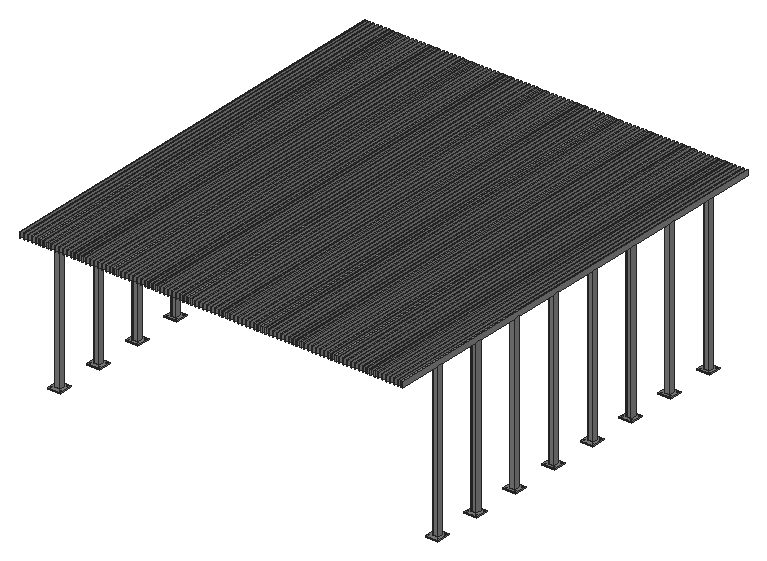
Revit family "Sun-Shades_ARUNA_PalmSHIELD", category Generic Models, Revit 2026
Family settings
  Can host rebar = No
  Round Connector Dimension = Use Diameter
  Part Type = Normal
  Work Plane-Based = No
  Always vertical = Yes
  Cut with Voids When Loaded = No
  Maintain Annotation Orientation = No
  Shared = No
  Room Calculation Point = No
Parameters (values of type "ALUMINUM PURLINS 1" x 4"")
  Purlin offset from column = Purlin Width / 2  # 0' - 0 1/2"
  Width [instance] = 24' - 10"
  Underhanging Purlins [instance] = not(Overhanging purlins)  # no
  URL = "https://palmshieldlouvers.com/"
  Specification = "https://www.arcat.com/company/palmshield-53925/spec"
  Purlin Width = 0' - 1"
  Purlins Spacing Desired [instance] = 0' - 2"
  Purlin Spacing Calculated Underhanging [instance] = ((Width - 0' 8") - (Purlin Width * No. of Underhanging Purlins)) / (No. of Underhanging Purlins - 1)  # 0' - 2.01042"
  Purlins Spacing Calculated [instance] = (Width - (Purlin Width * No. of Purlins)) / (No. of Purlins - 1)  # 0' - 2.03061"
  Purlin Height = 0' - 4"
  Product Page URL = "https://www.arcat.com/company/palmshield-53925"
  Overhanging purlins [instance] = yes
  No. of Underhanging Purlins [instance] = ((Width - 0' 8") / (Purlin Width + Purlins Spacing Desired))  # 97
  No. of Purlins [instance] = (Width / (Purlin Width + Purlins Spacing Desired))  # 99
  No. of Column [instance] = (Length / 3' 8")  # 8
  Material [instance] = PalmSHIELD - Gray
  Manufacturer = "PalmSHIELD"  # constant formula
  Length [instance] = 28' - 0"
  Keynote = "06 87 00"
  Height [instance] = 10' - 0"
  Finish = "PalmSHIELD - Aluminum"
  Default Elevation = 0' - 0"
  Copyright = "©ARCAT"  # constant formula
  Center to Center Underhanging [instance] = Purlin Width + Purlin Spacing Calculated Underhanging  # 0' - 3.01042"
  Center to Center [instance] = Purlin Width + Purlins Spacing Calculated  # 0' - 3.03061"
  Column Width [instance] = (Width - 0' 8")  # 24' - 2"
  CAD Details = "https://www.arcat.com/company/palmshield-53925/cad"
Types (14): name | Purlin offset from column | Width | Purlin Width | Purlin Spacing Calculated Underhanging | Purlins Spacing Calculated | Purlin Height | No. of Underhanging Purlins | No. of Purlins | No. of Column | Material | Length | Finish | Center to Center Underhanging | Center to Center | Column Width
  ALUMINUM PURLINS 2" x 3" | 0' - 1" | 24' - 10" | 0' - 2" | 0' - 2" | 0' - 2" | 0' - 3" | 73 | 75 | 8 | PalmSHIELD - Alloy | 28' - 0" | "PalmSHIELD - Aluminum" | 0' - 4" | 0' - 4" | 24' - 2"
  ALUMINUM PURLINS 1" x 3" | 0' - 0 1/2" | 23' - 1" | 0' - 1" | 0' - 2.01124" | 0' - 2.03297" | 0' - 3" | 90 | 92 | 8 | PalmSHIELD - Black | 30' - 0" | "PalmSHIELD - Aluminum" | 0' - 3.01124" | 0' - 3.03297" | 22' - 5"
  ALUMINUM PURLINS 1" x 4" | 0' - 0 1/2" | 24' - 10" | 0' - 1" | 0' - 2.01042" | 0' - 2.03061" | 0' - 4" | 97 | 99 | 8 | PalmSHIELD - Gray | 28' - 0" | "PalmSHIELD - Aluminum" | 0' - 3.01042" | 0' - 3.03061" | 24' - 2"
  ALUMINUM PURLINS 2" x 2" | 0' - 1" | 31' - 10" | 0' - 2" | 0' - 2" | 0' - 2" | 0' - 2" | 94 | 96 | 8 | PalmSHIELD - Alloy | 28' - 0" | "PalmSHIELD - Aluminum" | 0' - 4" | 0' - 4" | 31' - 2"
  ALUMINUM PURLINS 3" x 3" | 0' - 1 1/2" | 24' - 10" | 0' - 3" | 0' - 2.03509" | 0' - 2" | 0' - 3" | 58 | 60 | 8 | PalmSHIELD - Alloy | 28' - 0" | "PalmSHIELD - Aluminum" | 0' - 5.03509" | 0' - 5" | 24' - 2"
  ALUMINUM PURLINS 2" x 4" | 0' - 1" | 24' - 10" | 0' - 2" | 0' - 2" | 0' - 2" | 0' - 4" | 73 | 75 | 8 | PalmSHIELD - Alloy | 28' - 0" | "PalmSHIELD - Aluminum" | 0' - 4" | 0' - 4" | 24' - 2"
  ALUMINUM PURLINS 2" x 5" | 0' - 1" | 24' - 10" | 0' - 2" | 0' - 2" | 0' - 2" | 0' - 5" | 73 | 75 | 7 | PalmSHIELD - Alloy | 25' - 0" | "PalmSHIELD - Aluminum" | 0' - 4" | 0' - 4" | 24' - 2"
  ALUMINUM PURLINS 2" x 6" | 0' - 1" | 24' - 10" | 0' - 2" | 0' - 2" | 0' - 2" | 0' - 6" | 73 | 75 | 8 | PalmSHIELD - Alloy | 28' - 0" | "PalmSHIELD - Aluminum" | 0' - 4" | 0' - 4" | 24' - 2"
  ALUMINUM PURLINS 2" x 8" | 0' - 1" | 24' - 10" | 0' - 2" | 0' - 2" | 0' - 2" | 0' - 8" | 73 | 75 | 8 | PalmSHIELD - Alloy | 31' - 0" | "PalmSHIELD - Aluminum" | 0' - 4" | 0' - 4" | 24' - 2"
  Wood Finished 2" x 4" | 0' - 1" | 24' - 10" | 0' - 2" | 0' - 2" | 0' - 2" | 0' - 4" | 73 | 75 | 8 | PalmSHIELD - Alloy | 28' - 0" | "PalmSHIELD - Wood" | 0' - 4" | 0' - 4" | 24' - 2"
  Wood Finished 2" x 6" | 0' - 1" | 24' - 10" | 0' - 2" | 0' - 2" | 0' - 2" | 0' - 6" | 73 | 75 | 8 | PalmSHIELD - Alloy | 28' - 0" | "PalmSHIELD - Wood" | 0' - 4" | 0' - 4" | 24' - 2"
  Wood Finished 2" x 8" | 0' - 1" | 24' - 10" | 0' - 2" | 0' - 2" | 0' - 2" | 0' - 8" | 73 | 75 | 8 | PalmSHIELD - Alloy | 28' - 0" | "PalmSHIELD - Wood" | 0' - 4" | 0' - 4" | 24' - 2"
  Wood Finished 2" x 10" | 0' - 1" | 25' - 10" | 0' - 2" | 0' - 2" | 0' - 2" | 0' - 10" | 76 | 78 | 8 | PalmSHIELD - Alloy | 28' - 0" | "PalmSHIELD - Wood" | 0' - 4" | 0' - 4" | 25' - 2"
  Wood Finished 4" x 4" | 0' - 2" | 24' - 10" | 0' - 4" | 0' - 2.08511" | 0' - 2" | 0' - 4" | 48 | 50 | 8 | PalmSHIELD - Alloy | 28' - 0" | "PalmSHIELD - Wood" | 0' - 6.08511" | 0' - 6" | 24' - 2"
Reference planes (in)
  plane 1 "Center (Front/Back)": y = 0
  plane 2: z = 0
  plane 3 "Center (Left/Right)": x = 59
  plane 4: x = -88
  plane 5: x = 206
  plane 6: x = -90
  plane 7: x = 208
  plane 8: y = 300
  plane 9: x = -86
  plane 10: x = 246
  plane 11: y = -36
  plane 12: z = 120
  plane 13: x = 207
  plane 14: x = -89.5
  plane 15: x = -86.46939
  plane 16: z = 116
  plane 17: x = -85.5
  plane 18: x = -82.48958
  plane 19: y = 264
  plane 20: y = 132
Dimensions and locks (in)
  "Width": plane 6 to plane 7
  locked: plane 6 to plane 4 at 2
  locked: plane 5 to plane 7 at 2
  "Length": plane 8 to plane 11
  "Height": plane 12 to level
  locked: plane 11 to plane 1 "Center (Front/Back)" at 36
  locked: plane 13 to plane 7 at 1
  equal spacing: group 1, group 2, group 3, group 4, group 5, group 6, group 7, group 8, group 9, group 10, group 11, group 12, group 13, group 14, group 15, group 16, group 17, group 18, group 19, group 20, group 21, group 22, group 23, group 24, group 25, group 26, group 27, group 28, group 29, group 30, group 31, group 32, group 33, group 34, group 35, group 36, group 37, group 38, group 39, group 40, group 41, group 42, group 43, group 44, group 45, group 46, group 47, group 48, group 49, group 50, group 107, group 108, group 109, group 110, group 111, group 112, group 113, group 114, group 115, group 116, group 117, group 118, group 119, group 120, group 121, group 122, group 123, group 124, group 125, group 146, group 147, group 148, group 149, group 150, group 151, group 157, group 158, group 159, group 160, group 161, group 162, group 163, group 164, group 165, group 166, group 167, group 168, group 169, group 170, group 171, group 172, group 173, group 191, group 192, group 193, group 194, group 195, group 196, group 197  (x3)
  "Center to Center": plane 14 to plane 15
  equal spacing: group 51, group 52, group 53, group 54, group 55, group 56, group 57, group 58, group 59, group 60, group 61, group 62, group 63, group 64, group 65, group 66, group 67, group 68, group 69, group 70, group 71, group 72, group 73, group 74, group 75, group 76, group 77, group 78, group 79, group 80, group 81, group 82, group 83, group 84, group 85, group 86, group 87, group 88, group 89, group 90, group 91, group 92, group 93, group 94, group 95, group 96, group 97, group 98, group 126, group 127, group 128, group 129, group 130, group 131, group 132, group 133, group 134, group 135, group 136, group 137, group 138, group 139, group 140, group 141, group 142, group 143, group 144, group 145, group 152, group 153, group 154, group 155, group 156, group 174, group 175, group 176, group 177, group 178, group 179, group 180, group 181, group 182, group 183, group 184, group 185, group 186, group 187, group 188, group 189, group 190, group 198, group 199, group 200, group 201, group 202, group 203, group 204  (x3)
  plane 10 to plane 9 = 27' - 8"
  locked: plane 12 to plane 16 at 4
  nested 1 to nested 3 = 0' - 2.03061"
  "Purlin offset from column": plane 6 to plane 14
  "Center to Center Underhanging": plane 17 to plane 18
  "Purlin offset from column": plane 9 to plane 17
  locked: plane 8 to plane 19 at 36
  equal spacing: group 100, group 106, group 105, group 104, group 103, group 102, group 101, group 99
  equal spacing: group 99, group 101, group 102, group 103, group 104, group 105, group 106, group 100  (x2)
  equal spacing: plane 8, plane 20, plane 11
  equal spacing: plane 6, plane 3 "Center (Left/Right)", plane 7
  locked: plane 4 to plane 9 at 2
  aligned and locked: level to plane 2
  aligned and locked: nested 1 to plane 6
  aligned and locked: nested 2 to plane 1 "Center (Front/Back)"
  aligned and locked: plane 2 to nested 2
  aligned and locked: nested 1 to plane 11
  aligned and locked: plane 4 to nested 2
  aligned and locked: plane 8 to nested 3
  aligned and locked: nested 1 to plane 12
  aligned and locked: nested 3 to plane 12
  aligned and locked: nested 3 to plane 15
  aligned and locked: plane 16 to nested 52
  aligned and locked: plane 16 to nested 53
  aligned and locked: nested 52 to plane 11
  aligned and locked: nested 53 to plane 11
  aligned and locked: nested 53 to plane 18
  aligned and locked: nested 52 to plane 17
  aligned and locked: plane 19 to nested 100
  aligned and locked: plane 4 to nested 100
Nested families (in)
  nested 1: "ALUMINUM RECT TUBE PURLIN" at (-89.5, 132, 119.875), visible <- "Overhanging purlins", type "ALUMINUM RECT TUBE PURLIN"
  nested 2: "ALUMINUM SQ TUBE 4 X 4 X 0.25 BEAM 6063-T52" at (59, 0, -0.125) x (0, 1, 0) z (0, 0, 1), type "ALUMINUM SQ TUBE 4 X 4 X 0.25 BEAM 6063-T52"
  nested 3: "ALUMINUM RECT TUBE PURLIN" at (-86.46939, 132, 119.875), visible <- "Overhanging purlins", type "ALUMINUM RECT TUBE PURLIN"
  nested 4: "ALUMINUM RECT TUBE PURLIN" at (-83.43878, 132, 119.875), visible <- "Overhanging purlins", type "ALUMINUM RECT TUBE PURLIN"
  nested 5: "ALUMINUM RECT TUBE PURLIN" at (-80.40816, 132, 119.875), visible <- "Overhanging purlins", type "ALUMINUM RECT TUBE PURLIN"
  nested 6: "ALUMINUM RECT TUBE PURLIN" at (-77.37755, 132, 119.875), visible <- "Overhanging purlins", type "ALUMINUM RECT TUBE PURLIN"
  nested 7: "ALUMINUM RECT TUBE PURLIN" at (-74.34694, 132, 119.875), visible <- "Overhanging purlins", type "ALUMINUM RECT TUBE PURLIN"
  nested 8: "ALUMINUM RECT TUBE PURLIN" at (-71.31633, 132, 119.875), visible <- "Overhanging purlins", type "ALUMINUM RECT TUBE PURLIN"
  nested 9: "ALUMINUM RECT TUBE PURLIN" at (-68.28571, 132, 119.875), visible <- "Overhanging purlins", type "ALUMINUM RECT TUBE PURLIN"
  nested 10: "ALUMINUM RECT TUBE PURLIN" at (-65.2551, 132, 119.875), visible <- "Overhanging purlins", type "ALUMINUM RECT TUBE PURLIN"
  nested 11: "ALUMINUM RECT TUBE PURLIN" at (-62.22449, 132, 119.875), visible <- "Overhanging purlins", type "ALUMINUM RECT TUBE PURLIN"
  nested 12: "ALUMINUM RECT TUBE PURLIN" at (-59.19388, 132, 119.875), visible <- "Overhanging purlins", type "ALUMINUM RECT TUBE PURLIN"
  nested 13: "ALUMINUM RECT TUBE PURLIN" at (-56.16327, 132, 119.875), visible <- "Overhanging purlins", type "ALUMINUM RECT TUBE PURLIN"
  nested 14: "ALUMINUM RECT TUBE PURLIN" at (-53.13265, 132, 119.875), visible <- "Overhanging purlins", type "ALUMINUM RECT TUBE PURLIN"
  nested 15: "ALUMINUM RECT TUBE PURLIN" at (-50.10204, 132, 119.875), visible <- "Overhanging purlins", type "ALUMINUM RECT TUBE PURLIN"
  nested 16: "ALUMINUM RECT TUBE PURLIN" at (-47.07143, 132, 119.875), visible <- "Overhanging purlins", type "ALUMINUM RECT TUBE PURLIN"
  nested 17: "ALUMINUM RECT TUBE PURLIN" at (-44.04082, 132, 119.875), visible <- "Overhanging purlins", type "ALUMINUM RECT TUBE PURLIN"
  nested 18: "ALUMINUM RECT TUBE PURLIN" at (-41.0102, 132, 119.875), visible <- "Overhanging purlins", type "ALUMINUM RECT TUBE PURLIN"
  nested 19: "ALUMINUM RECT TUBE PURLIN" at (-37.97959, 132, 119.875), visible <- "Overhanging purlins", type "ALUMINUM RECT TUBE PURLIN"
  nested 20: "ALUMINUM RECT TUBE PURLIN" at (-34.94898, 132, 119.875), visible <- "Overhanging purlins", type "ALUMINUM RECT TUBE PURLIN"
  nested 21: "ALUMINUM RECT TUBE PURLIN" at (-31.91837, 132, 119.875), visible <- "Overhanging purlins", type "ALUMINUM RECT TUBE PURLIN"
  nested 22: "ALUMINUM RECT TUBE PURLIN" at (-28.88776, 132, 119.875), visible <- "Overhanging purlins", type "ALUMINUM RECT TUBE PURLIN"
  nested 23: "ALUMINUM RECT TUBE PURLIN" at (-25.85714, 132, 119.875), visible <- "Overhanging purlins", type "ALUMINUM RECT TUBE PURLIN"
  nested 24: "ALUMINUM RECT TUBE PURLIN" at (-22.82653, 132, 119.875), visible <- "Overhanging purlins", type "ALUMINUM RECT TUBE PURLIN"
  nested 25: "ALUMINUM RECT TUBE PURLIN" at (-19.79592, 132, 119.875), visible <- "Overhanging purlins", type "ALUMINUM RECT TUBE PURLIN"
  nested 26: "ALUMINUM RECT TUBE PURLIN" at (-16.76531, 132, 119.875), visible <- "Overhanging purlins", type "ALUMINUM RECT TUBE PURLIN"
  nested 27: "ALUMINUM RECT TUBE PURLIN" at (-13.73469, 132, 119.875), visible <- "Overhanging purlins", type "ALUMINUM RECT TUBE PURLIN"
  nested 28: "ALUMINUM RECT TUBE PURLIN" at (-10.70408, 132, 119.875), visible <- "Overhanging purlins", type "ALUMINUM RECT TUBE PURLIN"
  nested 29: "ALUMINUM RECT TUBE PURLIN" at (-7.67347, 132, 119.875), visible <- "Overhanging purlins", type "ALUMINUM RECT TUBE PURLIN"
  nested 30: "ALUMINUM RECT TUBE PURLIN" at (-4.64286, 132, 119.875), visible <- "Overhanging purlins", type "ALUMINUM RECT TUBE PURLIN"
  nested 31: "ALUMINUM RECT TUBE PURLIN" at (-1.61224, 132, 119.875), visible <- "Overhanging purlins", type "ALUMINUM RECT TUBE PURLIN"
  nested 32: "ALUMINUM RECT TUBE PURLIN" at (1.41837, 132, 119.875), visible <- "Overhanging purlins", type "ALUMINUM RECT TUBE PURLIN"
  nested 33: "ALUMINUM RECT TUBE PURLIN" at (4.44898, 132, 119.875), visible <- "Overhanging purlins", type "ALUMINUM RECT TUBE PURLIN"
  nested 34: "ALUMINUM RECT TUBE PURLIN" at (7.47959, 132, 119.875), visible <- "Overhanging purlins", type "ALUMINUM RECT TUBE PURLIN"
  nested 35: "ALUMINUM RECT TUBE PURLIN" at (10.5102, 132, 119.875), visible <- "Overhanging purlins", type "ALUMINUM RECT TUBE PURLIN"
  nested 36: "ALUMINUM RECT TUBE PURLIN" at (13.54082, 132, 119.875), visible <- "Overhanging purlins", type "ALUMINUM RECT TUBE PURLIN"
  nested 37: "ALUMINUM RECT TUBE PURLIN" at (16.57143, 132, 119.875), visible <- "Overhanging purlins", type "ALUMINUM RECT TUBE PURLIN"
  nested 38: "ALUMINUM RECT TUBE PURLIN" at (19.60204, 132, 119.875), visible <- "Overhanging purlins", type "ALUMINUM RECT TUBE PURLIN"
  nested 39: "ALUMINUM RECT TUBE PURLIN" at (22.63265, 132, 119.875), visible <- "Overhanging purlins", type "ALUMINUM RECT TUBE PURLIN"
  nested 40: "ALUMINUM RECT TUBE PURLIN" at (25.66327, 132, 119.875), visible <- "Overhanging purlins", type "ALUMINUM RECT TUBE PURLIN"
  nested 41: "ALUMINUM RECT TUBE PURLIN" at (28.69388, 132, 119.875), visible <- "Overhanging purlins", type "ALUMINUM RECT TUBE PURLIN"
  nested 42: "ALUMINUM RECT TUBE PURLIN" at (31.72449, 132, 119.875), visible <- "Overhanging purlins", type "ALUMINUM RECT TUBE PURLIN"
  nested 43: "ALUMINUM RECT TUBE PURLIN" at (34.7551, 132, 119.875), visible <- "Overhanging purlins", type "ALUMINUM RECT TUBE PURLIN"
  nested 44: "ALUMINUM RECT TUBE PURLIN" at (37.78571, 132, 119.875), visible <- "Overhanging purlins", type "ALUMINUM RECT TUBE PURLIN"
  nested 45: "ALUMINUM RECT TUBE PURLIN" at (40.81633, 132, 119.875), visible <- "Overhanging purlins", type "ALUMINUM RECT TUBE PURLIN"
  nested 46: "ALUMINUM RECT TUBE PURLIN" at (43.84694, 132, 119.875), visible <- "Overhanging purlins", type "ALUMINUM RECT TUBE PURLIN"
  nested 47: "ALUMINUM RECT TUBE PURLIN" at (46.87755, 132, 119.875), visible <- "Overhanging purlins", type "ALUMINUM RECT TUBE PURLIN"
  nested 48: "ALUMINUM RECT TUBE PURLIN" at (49.90816, 132, 119.875), visible <- "Overhanging purlins", type "ALUMINUM RECT TUBE PURLIN"
  nested 49: "ALUMINUM RECT TUBE PURLIN" at (52.93878, 132, 119.875), visible <- "Overhanging purlins", type "ALUMINUM RECT TUBE PURLIN"
  nested 50: "ALUMINUM RECT TUBE PURLIN" at (55.96939, 132, 119.875), visible <- "Overhanging purlins", type "ALUMINUM RECT TUBE PURLIN"
  nested 51: "ALUMINUM RECT TUBE PURLIN" at (59, 132, 119.875), visible <- "Overhanging purlins", type "ALUMINUM RECT TUBE PURLIN"
  nested 52: "ALUMINUM RECT TUBE PURLIN" at (-85.5, 132, 111.875), visible <- "Underhanging Purlins", type "ALUMINUM RECT TUBE PURLIN"
  nested 53: "ALUMINUM RECT TUBE PURLIN" at (-82.48958, 132, 111.875), visible <- "Underhanging Purlins", type "ALUMINUM RECT TUBE PURLIN"
  nested 54: "ALUMINUM RECT TUBE PURLIN" at (-79.47917, 132, 111.875), visible <- "Underhanging Purlins", type "ALUMINUM RECT TUBE PURLIN"
  nested 55: "ALUMINUM RECT TUBE PURLIN" at (-76.46875, 132, 111.875), visible <- "Underhanging Purlins", type "ALUMINUM RECT TUBE PURLIN"
  nested 56: "ALUMINUM RECT TUBE PURLIN" at (-73.45833, 132, 111.875), visible <- "Underhanging Purlins", type "ALUMINUM RECT TUBE PURLIN"
  nested 57: "ALUMINUM RECT TUBE PURLIN" at (-70.44792, 132, 111.875), visible <- "Underhanging Purlins", type "ALUMINUM RECT TUBE PURLIN"
  nested 58: "ALUMINUM RECT TUBE PURLIN" at (-67.4375, 132, 111.875), visible <- "Underhanging Purlins", type "ALUMINUM RECT TUBE PURLIN"
  nested 59: "ALUMINUM RECT TUBE PURLIN" at (-64.42708, 132, 111.875), visible <- "Underhanging Purlins", type "ALUMINUM RECT TUBE PURLIN"
  nested 60: "ALUMINUM RECT TUBE PURLIN" at (-61.41667, 132, 111.875), visible <- "Underhanging Purlins", type "ALUMINUM RECT TUBE PURLIN"
  nested 61: "ALUMINUM RECT TUBE PURLIN" at (-58.40625, 132, 111.875), visible <- "Underhanging Purlins", type "ALUMINUM RECT TUBE PURLIN"
  nested 62: "ALUMINUM RECT TUBE PURLIN" at (-55.39583, 132, 111.875), visible <- "Underhanging Purlins", type "ALUMINUM RECT TUBE PURLIN"
  nested 63: "ALUMINUM RECT TUBE PURLIN" at (-52.38542, 132, 111.875), visible <- "Underhanging Purlins", type "ALUMINUM RECT TUBE PURLIN"
  nested 64: "ALUMINUM RECT TUBE PURLIN" at (-49.375, 132, 111.875), visible <- "Underhanging Purlins", type "ALUMINUM RECT TUBE PURLIN"
  nested 65: "ALUMINUM RECT TUBE PURLIN" at (-46.36458, 132, 111.875), visible <- "Underhanging Purlins", type "ALUMINUM RECT TUBE PURLIN"
  nested 66: "ALUMINUM RECT TUBE PURLIN" at (-43.35417, 132, 111.875), visible <- "Underhanging Purlins", type "ALUMINUM RECT TUBE PURLIN"
  nested 67: "ALUMINUM RECT TUBE PURLIN" at (-40.34375, 132, 111.875), visible <- "Underhanging Purlins", type "ALUMINUM RECT TUBE PURLIN"
  nested 68: "ALUMINUM RECT TUBE PURLIN" at (-37.33333, 132, 111.875), visible <- "Underhanging Purlins", type "ALUMINUM RECT TUBE PURLIN"
  nested 69: "ALUMINUM RECT TUBE PURLIN" at (-34.32292, 132, 111.875), visible <- "Underhanging Purlins", type "ALUMINUM RECT TUBE PURLIN"
  nested 70: "ALUMINUM RECT TUBE PURLIN" at (-31.3125, 132, 111.875), visible <- "Underhanging Purlins", type "ALUMINUM RECT TUBE PURLIN"
  nested 71: "ALUMINUM RECT TUBE PURLIN" at (-28.30208, 132, 111.875), visible <- "Underhanging Purlins", type "ALUMINUM RECT TUBE PURLIN"
  nested 72: "ALUMINUM RECT TUBE PURLIN" at (-25.29167, 132, 111.875), visible <- "Underhanging Purlins", type "ALUMINUM RECT TUBE PURLIN"
  nested 73: "ALUMINUM RECT TUBE PURLIN" at (-22.28125, 132, 111.875), visible <- "Underhanging Purlins", type "ALUMINUM RECT TUBE PURLIN"
  nested 74: "ALUMINUM RECT TUBE PURLIN" at (-19.27083, 132, 111.875), visible <- "Underhanging Purlins", type "ALUMINUM RECT TUBE PURLIN"
  nested 75: "ALUMINUM RECT TUBE PURLIN" at (-16.26042, 132, 111.875), visible <- "Underhanging Purlins", type "ALUMINUM RECT TUBE PURLIN"
  nested 76: "ALUMINUM RECT TUBE PURLIN" at (-13.25, 132, 111.875), visible <- "Underhanging Purlins", type "ALUMINUM RECT TUBE PURLIN"
  nested 77: "ALUMINUM RECT TUBE PURLIN" at (-10.23958, 132, 111.875), visible <- "Underhanging Purlins", type "ALUMINUM RECT TUBE PURLIN"
  nested 78: "ALUMINUM RECT TUBE PURLIN" at (-7.22917, 132, 111.875), visible <- "Underhanging Purlins", type "ALUMINUM RECT TUBE PURLIN"
  nested 79: "ALUMINUM RECT TUBE PURLIN" at (-4.21875, 132, 111.875), visible <- "Underhanging Purlins", type "ALUMINUM RECT TUBE PURLIN"
  nested 80: "ALUMINUM RECT TUBE PURLIN" at (-1.20833, 132, 111.875), visible <- "Underhanging Purlins", type "ALUMINUM RECT TUBE PURLIN"
  nested 81: "ALUMINUM RECT TUBE PURLIN" at (1.80208, 132, 111.875), visible <- "Underhanging Purlins", type "ALUMINUM RECT TUBE PURLIN"
  nested 82: "ALUMINUM RECT TUBE PURLIN" at (4.8125, 132, 111.875), visible <- "Underhanging Purlins", type "ALUMINUM RECT TUBE PURLIN"
  nested 83: "ALUMINUM RECT TUBE PURLIN" at (7.82292, 132, 111.875), visible <- "Underhanging Purlins", type "ALUMINUM RECT TUBE PURLIN"
  nested 84: "ALUMINUM RECT TUBE PURLIN" at (10.83333, 132, 111.875), visible <- "Underhanging Purlins", type "ALUMINUM RECT TUBE PURLIN"
  nested 85: "ALUMINUM RECT TUBE PURLIN" at (13.84375, 132, 111.875), visible <- "Underhanging Purlins", type "ALUMINUM RECT TUBE PURLIN"
  nested 86: "ALUMINUM RECT TUBE PURLIN" at (16.85417, 132, 111.875), visible <- "Underhanging Purlins", type "ALUMINUM RECT TUBE PURLIN"
  nested 87: "ALUMINUM RECT TUBE PURLIN" at (19.86458, 132, 111.875), visible <- "Underhanging Purlins", type "ALUMINUM RECT TUBE PURLIN"
  nested 88: "ALUMINUM RECT TUBE PURLIN" at (22.875, 132, 111.875), visible <- "Underhanging Purlins", type "ALUMINUM RECT TUBE PURLIN"
  nested 89: "ALUMINUM RECT TUBE PURLIN" at (25.88542, 132, 111.875), visible <- "Underhanging Purlins", type "ALUMINUM RECT TUBE PURLIN"
  nested 90: "ALUMINUM RECT TUBE PURLIN" at (28.89583, 132, 111.875), visible <- "Underhanging Purlins", type "ALUMINUM RECT TUBE PURLIN"
  nested 91: "ALUMINUM RECT TUBE PURLIN" at (31.90625, 132, 111.875), visible <- "Underhanging Purlins", type "ALUMINUM RECT TUBE PURLIN"
  nested 92: "ALUMINUM RECT TUBE PURLIN" at (34.91667, 132, 111.875), visible <- "Underhanging Purlins", type "ALUMINUM RECT TUBE PURLIN"
  nested 93: "ALUMINUM RECT TUBE PURLIN" at (37.92708, 132, 111.875), visible <- "Underhanging Purlins", type "ALUMINUM RECT TUBE PURLIN"
  nested 94: "ALUMINUM RECT TUBE PURLIN" at (40.9375, 132, 111.875), visible <- "Underhanging Purlins", type "ALUMINUM RECT TUBE PURLIN"
  nested 95: "ALUMINUM RECT TUBE PURLIN" at (43.94792, 132, 111.875), visible <- "Underhanging Purlins", type "ALUMINUM RECT TUBE PURLIN"
  nested 96: "ALUMINUM RECT TUBE PURLIN" at (46.95833, 132, 111.875), visible <- "Underhanging Purlins", type "ALUMINUM RECT TUBE PURLIN"
  nested 97: "ALUMINUM RECT TUBE PURLIN" at (49.96875, 132, 111.875), visible <- "Underhanging Purlins", type "ALUMINUM RECT TUBE PURLIN"
  nested 98: "ALUMINUM RECT TUBE PURLIN" at (52.97917, 132, 111.875), visible <- "Underhanging Purlins", type "ALUMINUM RECT TUBE PURLIN"
  nested 99: "ALUMINUM RECT TUBE PURLIN" at (55.98958, 132, 111.875), visible <- "Underhanging Purlins", type "ALUMINUM RECT TUBE PURLIN"
  nested 100: "ALUMINUM SQ TUBE 4 X 4 X 0.25 BEAM 6063-T52" at (59, 264, -0.125) x (0, 1, 0) z (0, 0, 1), type "ALUMINUM SQ TUBE 4 X 4 X 0.25 BEAM 6063-T52"
  nested 101: "ALUMINUM SQ TUBE 4 X 4 X 0.25 BEAM 6063-T52" at (59, 37.71429, -0.125) x (0, 1, 0) z (0, 0, 1), type "ALUMINUM SQ TUBE 4 X 4 X 0.25 BEAM 6063-T52"
  nested 102: "ALUMINUM SQ TUBE 4 X 4 X 0.25 BEAM 6063-T52" at (59, 75.42857, -0.125) x (0, 1, 0) z (0, 0, 1), type "ALUMINUM SQ TUBE 4 X 4 X 0.25 BEAM 6063-T52"
  nested 103: "ALUMINUM SQ TUBE 4 X 4 X 0.25 BEAM 6063-T52" at (59, 113.14286, -0.125) x (0, 1, 0) z (0, 0, 1), type "ALUMINUM SQ TUBE 4 X 4 X 0.25 BEAM 6063-T52"
  nested 104: "ALUMINUM SQ TUBE 4 X 4 X 0.25 BEAM 6063-T52" at (59, 150.85714, -0.125) x (0, 1, 0) z (0, 0, 1), type "ALUMINUM SQ TUBE 4 X 4 X 0.25 BEAM 6063-T52"
  nested 105: "ALUMINUM SQ TUBE 4 X 4 X 0.25 BEAM 6063-T52" at (59, 188.57143, -0.125) x (0, 1, 0) z (0, 0, 1), type "ALUMINUM SQ TUBE 4 X 4 X 0.25 BEAM 6063-T52"
  nested 106: "ALUMINUM SQ TUBE 4 X 4 X 0.25 BEAM 6063-T52" at (59, 226.28571, -0.125) x (0, 1, 0) z (0, 0, 1), type "ALUMINUM SQ TUBE 4 X 4 X 0.25 BEAM 6063-T52"
  nested 107: "ALUMINUM RECT TUBE PURLIN" at (62.03061, 132, 119.875), visible <- "Overhanging purlins", type "ALUMINUM RECT TUBE PURLIN"
  nested 108: "ALUMINUM RECT TUBE PURLIN" at (65.06122, 132, 119.875), visible <- "Overhanging purlins", type "ALUMINUM RECT TUBE PURLIN"
  nested 109: "ALUMINUM RECT TUBE PURLIN" at (68.09184, 132, 119.875), visible <- "Overhanging purlins", type "ALUMINUM RECT TUBE PURLIN"
  nested 110: "ALUMINUM RECT TUBE PURLIN" at (71.12245, 132, 119.875), visible <- "Overhanging purlins", type "ALUMINUM RECT TUBE PURLIN"
  nested 111: "ALUMINUM RECT TUBE PURLIN" at (74.15306, 132, 119.875), visible <- "Overhanging purlins", type "ALUMINUM RECT TUBE PURLIN"
  nested 112: "ALUMINUM RECT TUBE PURLIN" at (77.18367, 132, 119.875), visible <- "Overhanging purlins", type "ALUMINUM RECT TUBE PURLIN"
  nested 113: "ALUMINUM RECT TUBE PURLIN" at (80.21429, 132, 119.875), visible <- "Overhanging purlins", type "ALUMINUM RECT TUBE PURLIN"
  nested 114: "ALUMINUM RECT TUBE PURLIN" at (83.2449, 132, 119.875), visible <- "Overhanging purlins", type "ALUMINUM RECT TUBE PURLIN"
  nested 115: "ALUMINUM RECT TUBE PURLIN" at (86.27551, 132, 119.875), visible <- "Overhanging purlins", type "ALUMINUM RECT TUBE PURLIN"
  nested 116: "ALUMINUM RECT TUBE PURLIN" at (89.30612, 132, 119.875), visible <- "Overhanging purlins", type "ALUMINUM RECT TUBE PURLIN"
  nested 117: "ALUMINUM RECT TUBE PURLIN" at (92.33673, 132, 119.875), visible <- "Overhanging purlins", type "ALUMINUM RECT TUBE PURLIN"
  nested 118: "ALUMINUM RECT TUBE PURLIN" at (95.36735, 132, 119.875), visible <- "Overhanging purlins", type "ALUMINUM RECT TUBE PURLIN"
  nested 119: "ALUMINUM RECT TUBE PURLIN" at (98.39796, 132, 119.875), visible <- "Overhanging purlins", type "ALUMINUM RECT TUBE PURLIN"
  nested 120: "ALUMINUM RECT TUBE PURLIN" at (101.42857, 132, 119.875), visible <- "Overhanging purlins", type "ALUMINUM RECT TUBE PURLIN"
  nested 121: "ALUMINUM RECT TUBE PURLIN" at (104.45918, 132, 119.875), visible <- "Overhanging purlins", type "ALUMINUM RECT TUBE PURLIN"
  nested 122: "ALUMINUM RECT TUBE PURLIN" at (107.4898, 132, 119.875), visible <- "Overhanging purlins", type "ALUMINUM RECT TUBE PURLIN"
  nested 123: "ALUMINUM RECT TUBE PURLIN" at (110.52041, 132, 119.875), visible <- "Overhanging purlins", type "ALUMINUM RECT TUBE PURLIN"
  nested 124: "ALUMINUM RECT TUBE PURLIN" at (113.55102, 132, 119.875), visible <- "Overhanging purlins", type "ALUMINUM RECT TUBE PURLIN"
  nested 125: "ALUMINUM RECT TUBE PURLIN" at (116.58163, 132, 119.875), visible <- "Overhanging purlins", type "ALUMINUM RECT TUBE PURLIN"
  nested 126: "ALUMINUM RECT TUBE PURLIN" at (59, 132, 111.875), visible <- "Underhanging Purlins", type "ALUMINUM RECT TUBE PURLIN"
  nested 127: "ALUMINUM RECT TUBE PURLIN" at (62.01042, 132, 111.875), visible <- "Underhanging Purlins", type "ALUMINUM RECT TUBE PURLIN"
  nested 128: "ALUMINUM RECT TUBE PURLIN" at (65.02083, 132, 111.875), visible <- "Underhanging Purlins", type "ALUMINUM RECT TUBE PURLIN"
  nested 129: "ALUMINUM RECT TUBE PURLIN" at (68.03125, 132, 111.875), visible <- "Underhanging Purlins", type "ALUMINUM RECT TUBE PURLIN"
  nested 130: "ALUMINUM RECT TUBE PURLIN" at (71.04167, 132, 111.875), visible <- "Underhanging Purlins", type "ALUMINUM RECT TUBE PURLIN"
  nested 131: "ALUMINUM RECT TUBE PURLIN" at (74.05208, 132, 111.875), visible <- "Underhanging Purlins", type "ALUMINUM RECT TUBE PURLIN"
  nested 132: "ALUMINUM RECT TUBE PURLIN" at (77.0625, 132, 111.875), visible <- "Underhanging Purlins", type "ALUMINUM RECT TUBE PURLIN"
  nested 133: "ALUMINUM RECT TUBE PURLIN" at (80.07292, 132, 111.875), visible <- "Underhanging Purlins", type "ALUMINUM RECT TUBE PURLIN"
  nested 134: "ALUMINUM RECT TUBE PURLIN" at (83.08333, 132, 111.875), visible <- "Underhanging Purlins", type "ALUMINUM RECT TUBE PURLIN"
  nested 135: "ALUMINUM RECT TUBE PURLIN" at (86.09375, 132, 111.875), visible <- "Underhanging Purlins", type "ALUMINUM RECT TUBE PURLIN"
  nested 136: "ALUMINUM RECT TUBE PURLIN" at (89.10417, 132, 111.875), visible <- "Underhanging Purlins", type "ALUMINUM RECT TUBE PURLIN"
  nested 137: "ALUMINUM RECT TUBE PURLIN" at (92.11458, 132, 111.875), visible <- "Underhanging Purlins", type "ALUMINUM RECT TUBE PURLIN"
  nested 138: "ALUMINUM RECT TUBE PURLIN" at (95.125, 132, 111.875), visible <- "Underhanging Purlins", type "ALUMINUM RECT TUBE PURLIN"
  nested 139: "ALUMINUM RECT TUBE PURLIN" at (98.13542, 132, 111.875), visible <- "Underhanging Purlins", type "ALUMINUM RECT TUBE PURLIN"
  nested 140: "ALUMINUM RECT TUBE PURLIN" at (101.14583, 132, 111.875), visible <- "Underhanging Purlins", type "ALUMINUM RECT TUBE PURLIN"
  nested 141: "ALUMINUM RECT TUBE PURLIN" at (104.15625, 132, 111.875), visible <- "Underhanging Purlins", type "ALUMINUM RECT TUBE PURLIN"
  nested 142: "ALUMINUM RECT TUBE PURLIN" at (107.16667, 132, 111.875), visible <- "Underhanging Purlins", type "ALUMINUM RECT TUBE PURLIN"
  nested 143: "ALUMINUM RECT TUBE PURLIN" at (110.17708, 132, 111.875), visible <- "Underhanging Purlins", type "ALUMINUM RECT TUBE PURLIN"
  nested 144: "ALUMINUM RECT TUBE PURLIN" at (113.1875, 132, 111.875), visible <- "Underhanging Purlins", type "ALUMINUM RECT TUBE PURLIN"
  nested 145: "ALUMINUM RECT TUBE PURLIN" at (116.19792, 132, 111.875), visible <- "Underhanging Purlins", type "ALUMINUM RECT TUBE PURLIN"
  nested 146: "ALUMINUM RECT TUBE PURLIN" at (119.61224, 132, 119.875), visible <- "Overhanging purlins", type "ALUMINUM RECT TUBE PURLIN"
  nested 147: "ALUMINUM RECT TUBE PURLIN" at (122.64286, 132, 119.875), visible <- "Overhanging purlins", type "ALUMINUM RECT TUBE PURLIN"
  nested 148: "ALUMINUM RECT TUBE PURLIN" at (125.67347, 132, 119.875), visible <- "Overhanging purlins", type "ALUMINUM RECT TUBE PURLIN"
  nested 149: "ALUMINUM RECT TUBE PURLIN" at (128.70408, 132, 119.875), visible <- "Overhanging purlins", type "ALUMINUM RECT TUBE PURLIN"
  nested 150: "ALUMINUM RECT TUBE PURLIN" at (131.73469, 132, 119.875), visible <- "Overhanging purlins", type "ALUMINUM RECT TUBE PURLIN"
  nested 151: "ALUMINUM RECT TUBE PURLIN" at (134.76531, 132, 119.875), visible <- "Overhanging purlins", type "ALUMINUM RECT TUBE PURLIN"
  nested 152: "ALUMINUM RECT TUBE PURLIN" at (119.20833, 132, 111.875), visible <- "Underhanging Purlins", type "ALUMINUM RECT TUBE PURLIN"
  nested 153: "ALUMINUM RECT TUBE PURLIN" at (122.21875, 132, 111.875), visible <- "Underhanging Purlins", type "ALUMINUM RECT TUBE PURLIN"
  nested 154: "ALUMINUM RECT TUBE PURLIN" at (125.22917, 132, 111.875), visible <- "Underhanging Purlins", type "ALUMINUM RECT TUBE PURLIN"
  nested 155: "ALUMINUM RECT TUBE PURLIN" at (128.23958, 132, 111.875), visible <- "Underhanging Purlins", type "ALUMINUM RECT TUBE PURLIN"
  nested 156: "ALUMINUM RECT TUBE PURLIN" at (131.25, 132, 111.875), visible <- "Underhanging Purlins", type "ALUMINUM RECT TUBE PURLIN"
  nested 157: "ALUMINUM RECT TUBE PURLIN" at (137.79592, 132, 119.875), visible <- "Overhanging purlins", type "ALUMINUM RECT TUBE PURLIN"
  nested 158: "ALUMINUM RECT TUBE PURLIN" at (140.82653, 132, 119.875), visible <- "Overhanging purlins", type "ALUMINUM RECT TUBE PURLIN"
  nested 159: "ALUMINUM RECT TUBE PURLIN" at (143.85714, 132, 119.875), visible <- "Overhanging purlins", type "ALUMINUM RECT TUBE PURLIN"
  nested 160: "ALUMINUM RECT TUBE PURLIN" at (146.88776, 132, 119.875), visible <- "Overhanging purlins", type "ALUMINUM RECT TUBE PURLIN"
  nested 161: "ALUMINUM RECT TUBE PURLIN" at (149.91837, 132, 119.875), visible <- "Overhanging purlins", type "ALUMINUM RECT TUBE PURLIN"
  nested 162: "ALUMINUM RECT TUBE PURLIN" at (152.94898, 132, 119.875), visible <- "Overhanging purlins", type "ALUMINUM RECT TUBE PURLIN"
  nested 163: "ALUMINUM RECT TUBE PURLIN" at (155.97959, 132, 119.875), visible <- "Overhanging purlins", type "ALUMINUM RECT TUBE PURLIN"
  nested 164: "ALUMINUM RECT TUBE PURLIN" at (159.0102, 132, 119.875), visible <- "Overhanging purlins", type "ALUMINUM RECT TUBE PURLIN"
  nested 165: "ALUMINUM RECT TUBE PURLIN" at (162.04082, 132, 119.875), visible <- "Overhanging purlins", type "ALUMINUM RECT TUBE PURLIN"
  nested 166: "ALUMINUM RECT TUBE PURLIN" at (165.07143, 132, 119.875), visible <- "Overhanging purlins", type "ALUMINUM RECT TUBE PURLIN"
  nested 167: "ALUMINUM RECT TUBE PURLIN" at (168.10204, 132, 119.875), visible <- "Overhanging purlins", type "ALUMINUM RECT TUBE PURLIN"
  nested 168: "ALUMINUM RECT TUBE PURLIN" at (171.13265, 132, 119.875), visible <- "Overhanging purlins", type "ALUMINUM RECT TUBE PURLIN"
  nested 169: "ALUMINUM RECT TUBE PURLIN" at (174.16327, 132, 119.875), visible <- "Overhanging purlins", type "ALUMINUM RECT TUBE PURLIN"
  nested 170: "ALUMINUM RECT TUBE PURLIN" at (177.19388, 132, 119.875), visible <- "Overhanging purlins", type "ALUMINUM RECT TUBE PURLIN"
  nested 171: "ALUMINUM RECT TUBE PURLIN" at (180.22449, 132, 119.875), visible <- "Overhanging purlins", type "ALUMINUM RECT TUBE PURLIN"
  nested 172: "ALUMINUM RECT TUBE PURLIN" at (183.2551, 132, 119.875), visible <- "Overhanging purlins", type "ALUMINUM RECT TUBE PURLIN"
  nested 173: "ALUMINUM RECT TUBE PURLIN" at (186.28571, 132, 119.875), visible <- "Overhanging purlins", type "ALUMINUM RECT TUBE PURLIN"
  nested 174: "ALUMINUM RECT TUBE PURLIN" at (134.26042, 132, 111.875), visible <- "Underhanging Purlins", type "ALUMINUM RECT TUBE PURLIN"
  nested 175: "ALUMINUM RECT TUBE PURLIN" at (137.27083, 132, 111.875), visible <- "Underhanging Purlins", type "ALUMINUM RECT TUBE PURLIN"
  nested 176: "ALUMINUM RECT TUBE PURLIN" at (140.28125, 132, 111.875), visible <- "Underhanging Purlins", type "ALUMINUM RECT TUBE PURLIN"
  nested 177: "ALUMINUM RECT TUBE PURLIN" at (143.29167, 132, 111.875), visible <- "Underhanging Purlins", type "ALUMINUM RECT TUBE PURLIN"
  nested 178: "ALUMINUM RECT TUBE PURLIN" at (146.30208, 132, 111.875), visible <- "Underhanging Purlins", type "ALUMINUM RECT TUBE PURLIN"
  nested 179: "ALUMINUM RECT TUBE PURLIN" at (149.3125, 132, 111.875), visible <- "Underhanging Purlins", type "ALUMINUM RECT TUBE PURLIN"
  nested 180: "ALUMINUM RECT TUBE PURLIN" at (152.32292, 132, 111.875), visible <- "Underhanging Purlins", type "ALUMINUM RECT TUBE PURLIN"
  nested 181: "ALUMINUM RECT TUBE PURLIN" at (155.33333, 132, 111.875), visible <- "Underhanging Purlins", type "ALUMINUM RECT TUBE PURLIN"
  nested 182: "ALUMINUM RECT TUBE PURLIN" at (158.34375, 132, 111.875), visible <- "Underhanging Purlins", type "ALUMINUM RECT TUBE PURLIN"
  nested 183: "ALUMINUM RECT TUBE PURLIN" at (161.35417, 132, 111.875), visible <- "Underhanging Purlins", type "ALUMINUM RECT TUBE PURLIN"
  nested 184: "ALUMINUM RECT TUBE PURLIN" at (164.36458, 132, 111.875), visible <- "Underhanging Purlins", type "ALUMINUM RECT TUBE PURLIN"
  nested 185: "ALUMINUM RECT TUBE PURLIN" at (167.375, 132, 111.875), visible <- "Underhanging Purlins", type "ALUMINUM RECT TUBE PURLIN"
  nested 186: "ALUMINUM RECT TUBE PURLIN" at (170.38542, 132, 111.875), visible <- "Underhanging Purlins", type "ALUMINUM RECT TUBE PURLIN"
  nested 187: "ALUMINUM RECT TUBE PURLIN" at (173.39583, 132, 111.875), visible <- "Underhanging Purlins", type "ALUMINUM RECT TUBE PURLIN"
  nested 188: "ALUMINUM RECT TUBE PURLIN" at (176.40625, 132, 111.875), visible <- "Underhanging Purlins", type "ALUMINUM RECT TUBE PURLIN"
  nested 189: "ALUMINUM RECT TUBE PURLIN" at (179.41667, 132, 111.875), visible <- "Underhanging Purlins", type "ALUMINUM RECT TUBE PURLIN"
  nested 190: "ALUMINUM RECT TUBE PURLIN" at (182.42708, 132, 111.875), visible <- "Underhanging Purlins", type "ALUMINUM RECT TUBE PURLIN"
  nested 191: "ALUMINUM RECT TUBE PURLIN" at (189.31633, 132, 119.875), visible <- "Overhanging purlins", type "ALUMINUM RECT TUBE PURLIN"
  nested 192: "ALUMINUM RECT TUBE PURLIN" at (192.34694, 132, 119.875), visible <- "Overhanging purlins", type "ALUMINUM RECT TUBE PURLIN"
  nested 193: "ALUMINUM RECT TUBE PURLIN" at (195.37755, 132, 119.875), visible <- "Overhanging purlins", type "ALUMINUM RECT TUBE PURLIN"
  nested 194: "ALUMINUM RECT TUBE PURLIN" at (198.40816, 132, 119.875), visible <- "Overhanging purlins", type "ALUMINUM RECT TUBE PURLIN"
  nested 195: "ALUMINUM RECT TUBE PURLIN" at (201.43878, 132, 119.875), visible <- "Overhanging purlins", type "ALUMINUM RECT TUBE PURLIN"
  nested 196: "ALUMINUM RECT TUBE PURLIN" at (204.46939, 132, 119.875), visible <- "Overhanging purlins", type "ALUMINUM RECT TUBE PURLIN"
  nested 197: "ALUMINUM RECT TUBE PURLIN" at (207.5, 132, 119.875), visible <- "Overhanging purlins", type "ALUMINUM RECT TUBE PURLIN"
  nested 198: "ALUMINUM RECT TUBE PURLIN" at (185.4375, 132, 111.875), visible <- "Underhanging Purlins", type "ALUMINUM RECT TUBE PURLIN"
  nested 199: "ALUMINUM RECT TUBE PURLIN" at (188.44792, 132, 111.875), visible <- "Underhanging Purlins", type "ALUMINUM RECT TUBE PURLIN"
  nested 200: "ALUMINUM RECT TUBE PURLIN" at (191.45833, 132, 111.875), visible <- "Underhanging Purlins", type "ALUMINUM RECT TUBE PURLIN"
  nested 201: "ALUMINUM RECT TUBE PURLIN" at (194.46875, 132, 111.875), visible <- "Underhanging Purlins", type "ALUMINUM RECT TUBE PURLIN"
  nested 202: "ALUMINUM RECT TUBE PURLIN" at (197.47917, 132, 111.875), visible <- "Underhanging Purlins", type "ALUMINUM RECT TUBE PURLIN"
  nested 203: "ALUMINUM RECT TUBE PURLIN" at (200.48958, 132, 111.875), visible <- "Underhanging Purlins", type "ALUMINUM RECT TUBE PURLIN"
  nested 204: "ALUMINUM RECT TUBE PURLIN" at (203.5, 132, 111.875), visible <- "Underhanging Purlins", type "ALUMINUM RECT TUBE PURLIN"
Definition of nested family "ALUMINUM RECT TUBE PURLIN"
  Parameters (values of type "ALUMINUM RECT TUBE PURLIN")
    LENGTH = 28' - 0"
    WIDTH = 0' - 2"
    HEIGHT = 0' - 8"
    Default Elevation = 0' - 0"
    Aluminum = none
  Reference planes (in)
    plane 1 "Center (Front/Back)": y = 0
    plane 2: z = 0.125
    plane 3 "Center (Left/Right)": x = 0
    plane 4: z = 8.125
    plane 5: x = -1
    plane 6: x = 1
    plane 7: x = -0.875
    plane 8: x = 0.875
    plane 9: z = 0.25
    plane 10: z = 8
    plane 11: y = 168
    plane 12: y = -168
    plane 13: y = 167.875
    plane 14: y = -167.875
  Forms (in)
    Extrusion 1, solid, material <- "Aluminum"
      sketch origin (0, 0, 0) x (1, 0, 0) y (0, 0, 1)
        loop
          line (-1, 8.125) -> (-1, 0.125) -> (1, 0.125) -> (1, 8.125) -> (-1, 8.125)
        loop
          line (-0.875, 0.25) -> (0.875, 0.25) -> (0.875, 8) -> (-0.875, 8) -> (-0.875, 0.25)
      from -168 to 168
    Extrusion 2, solid, material <- "Aluminum"
      sketch origin (0, 0, 0) x (1, 0, 0) y (0, 0, 1)
        loop
          line (-0.875, 8) -> (-0.875, 0.25) -> (0.875, 0.25) -> (0.875, 8) -> (-0.875, 8)
      from -168 to -167.875
    Extrusion 3, solid, material <- "Aluminum"
      sketch origin (0, 0, 0) x (1, 0, 0) y (0, 0, 1)
        loop
          line (-0.875, 8) -> (-0.875, 0.25) -> (0.875, 0.25) -> (0.875, 8) -> (-0.875, 8)
      from 167.875 to 168
  Cuts and joins
    joined: Extrusion 1, Extrusion 2, Extrusion 3
  Dimensions and locks (in)
    equal spacing: plane 6, plane 3 "Center (Left/Right)", plane 5
    "WIDTH": plane 6 to plane 5
    "HEIGHT": plane 4 to level
    locked: plane 7 to plane 5 at 0.125
    locked: plane 6 to plane 8 at 0.125
    locked: plane 9 to level at 0.125
    locked: plane 4 to plane 10 at 0.125
    equal spacing: plane 11, plane 1 "Center (Front/Back)", plane 12
    "LENGTH": plane 11 to plane 12
    locked: plane 11 to plane 13 at 0.125
    locked: plane 14 to plane 12 at 0.125
    aligned and locked: plane 2 to level
    aligned and locked: Extrusion 1 sketch curve to plane 4
    aligned and locked: Extrusion 1 sketch curve to plane 5
    aligned and locked: Extrusion 1 sketch curve to plane 6
    aligned and locked: Extrusion 1 sketch curve to level
    aligned and locked: Extrusion 1 sketch curve to plane 9
    aligned and locked: plane 8 to Extrusion 1 sketch curve
    aligned and locked: Extrusion 1 sketch curve to plane 7
    aligned and locked: Extrusion 1 sketch curve to plane 10
    aligned and locked: plane 11 to Extrusion 1
    aligned and locked: Extrusion 1 to plane 12
    aligned and locked: Extrusion 2 sketch curve to plane 7
    aligned and locked: plane 8 to Extrusion 2 sketch curve
    aligned and locked: Extrusion 2 sketch curve to plane 10
    aligned and locked: Extrusion 2 sketch curve to plane 9
    aligned and locked: plane 11 to Extrusion 2
    aligned and locked: Extrusion 2 to plane 13
    aligned and locked: Extrusion 3 sketch curve to plane 7
    aligned and locked: plane 8 to Extrusion 3 sketch curve
    aligned and locked: Extrusion 3 sketch curve to plane 10
    aligned and locked: Extrusion 3 sketch curve to plane 9
    aligned and locked: Extrusion 3 to plane 12
    aligned and locked: plane 14 to Extrusion 3
Definition of nested family "ALUMINUM SQ TUBE 4 X 4 X 0.25 BEAM 6063-T52"
  Parameters (values of type "ALUMINUM SQ TUBE 4 X 4 X 0.25 BEAM 6063-T52")
    LENGTH = 24' - 2"
    WIDTH = 24' - 10"
    HEIGHT = 10' - 0"
    BEAM HEIGHT = 0' - 4"
    Default Elevation = 0' - 0"
    ALUMINUM = none
  Reference planes (in)
    plane 1 "Center (Front/Back)": y = 0
    plane 2: z = 0.125
    plane 3 "Center (Left/Right)": x = 0
    plane 4: z = 120.125
    plane 5: z = 116.375
    plane 6: z = 119.875
    plane 7: y = 145
    plane 8: y = -145
    plane 9: y = 149
    plane 10: y = -149
    plane 11: y = -147
    plane 12: z = 116.125
    plane 13: z = 118.125
    plane 14: y = 147
    plane 15: x = -2
    plane 16: x = 2
    plane 17: x = -1.75
    plane 18: x = 1.75
    plane 19: y = 152
    plane 20: y = 150.5
    plane 21: y = 142
    plane 22: y = 143.5
    plane 23: x = -5
    plane 24: x = 5
    plane 25: x = 3.5
    plane 26: x = -3.5
  Forms (in)
    Extrusion 1, solid, material <- "ALUMINUM"
      sketch origin (0, 0, 0) x (1, 0, 0) y (0, 0, 1)
        loop
          line (-2, 120.125) -> (-2, 116.125) -> (2, 116.125) -> (2, 120.125) -> (-2, 120.125)
        loop
          line (-1.75, 116.375) -> (1.75, 116.375) -> (1.75, 119.875) -> (-1.75, 119.875) -> (-1.75, 116.375)
      from -145 to 145
  Dimensions and locks (in)
    locked: plane 5 to plane 12 at 0.25
    locked: plane 4 to plane 6 at 0.25
    equal spacing: plane 7, plane 1 "Center (Front/Back)", plane 8
    "LENGTH": plane 7 to plane 8
    locked: plane 8 to plane 10 at 4
    equal spacing: plane 8, plane 11, plane 10
    "BEAM HEIGHT": plane 4 to plane 12
    equal spacing: plane 4, plane 13, plane 12
    "HEIGHT": plane 4 to level
    equal spacing: plane 7, plane 14, plane 9
    locked: plane 9 to plane 7 at 4
    equal spacing: plane 19, plane 20, plane 9
    equal spacing: plane 21, plane 22, plane 7
    locked: plane 19 to plane 9 at 3
    locked: plane 7 to plane 21 at 3
    equal spacing: plane 16, plane 25, plane 24
    locked: plane 16 to plane 24 at 3
    equal spacing: plane 15, plane 26, plane 23
    locked: plane 15 to plane 23 at 3
    aligned and locked: plane 2 to level
    aligned and locked: Extrusion 1 sketch curve to plane 4
    aligned and locked: Extrusion 1 sketch curve to plane 5
    aligned and locked: Extrusion 1 sketch curve to plane 6
    aligned and locked: nested 1 to plane 3 "Center (Left/Right)"
    aligned and locked: nested 1 to plane 11
    aligned and locked: Extrusion 1 to plane 12
    aligned and locked: nested 2 to plane 3 "Center (Left/Right)"
    aligned and locked: plane 14 to nested 2
    aligned and locked: plane 7 to Extrusion 1
    aligned and locked: Extrusion 1 sketch curve to plane 17
    aligned and locked: Extrusion 1 sketch curve to plane 15
    aligned and locked: Extrusion 1 sketch curve to plane 18
    aligned and locked: Extrusion 1 sketch curve to plane 16
    aligned and locked: Extrusion 1 to plane 8
  Automatic sketch dimensions
    Extrusion 1 sketch curve to plane 12 = 0' - 0"
  Nested families (in)
    nested 1: "STEEL SQ TUBE 4 X 4 X 0.25 CAPPED ASTM A500 GR.B" at (0, -147, 0.125), type "STEEL SQ TUBE 4 X 4 X 0.25 CAPPED ASTM A500 GR.B"
    nested 2: "STEEL SQ TUBE 4 X 4 X 0.25 CAPPED ASTM A500 GR.B" at (0, 147, 0.125), type "STEEL SQ TUBE 4 X 4 X 0.25 CAPPED ASTM A500 GR.B"
  Definition of nested family "STEEL SQ TUBE 4 X 4 X 0.25 CAPPED ASTM A500 GR.B"
    Parameters (values of type "STEEL SQ TUBE 4 X 4 X 0.25 CAPPED ASTM A500 GR.B")
      WIDTH = 0' - 4"
      STEEL = none
      HEIGHT = 10' - 0"
      Default Elevation = 0' - 0"
      DEPTH = 0' - 4"
      BASE PLATE WIDTH = 0' - 10"
      BASE PLATE THICKNESS = 0' - 0 3/4"
      BASE PLATE DEPTH = 0' - 10"
    Reference planes (in)
      plane 1 "Center (Front/Back)": y = 0
      plane 2: z = 0
      plane 3 "Center (Left/Right)": x = 0
      plane 4: y = 2
      plane 5: y = -2
      plane 6: x = -2
      plane 7: x = 2
      plane 8: x = -1.75
      plane 9: x = 1.75
      plane 10: y = 1.75
      plane 11: y = -1.75
      plane 12: z = 120
      plane 13: x = -5
      plane 14: x = 5
      plane 15: y = 5
      plane 16: y = -5
      plane 17: z = 0.75
      plane 18: y = 3.5
      plane 19: y = -3.5
      plane 20: x = -3.5
      plane 21: x = 3.5
      plane 22: z = 119.75
    Forms (in)
      Extrusion 1, solid, material <- "STEEL"
        sketch origin (0, 0, 0) x (1, 0, 0) y (0, 1, 0)
          loop
            line (-2, 2) -> (-2, -2) -> (2, -2) -> (2, 2) -> (-2, 2)
          loop
            line (-1.75, 1.75) -> (-1.75, -1.75) -> (1.75, -1.75) -> (1.75, 1.75) -> (-1.75, 1.75)
        from 0.75 to 120
      Extrusion 2, solid, material <- "STEEL"
        sketch origin (0, 0, 0) x (1, 0, 0) y (0, 1, 0)
          loop
            line (-5, 5) -> (-5, -5) -> (5, -5) -> (5, 5) -> (-5, 5)
        from 0 to 0.75
      Extrusion 3, void
        sketch origin (0, 0, 0) x (1, 0, 0) y (0, 1, 0)
          loop
            circle (-3.5, 3.5) r 0.25
          loop
            circle (-3.5, -3.5) r 0.25
          loop
            circle (3.5, 3.5) r 0.25
          loop
            circle (3.5, -3.5) r 0.25
        from 0 to 0.75
      Extrusion 4, solid, material <- "STEEL"
        sketch origin (0, 0, 0) x (1, 0, 0) y (0, 1, 0)
          loop
            line (-1.75, 1.75) -> (-1.75, -1.75) -> (1.75, -1.75) -> (1.75, 1.75) -> (-1.75, 1.75)
        from 119.75 to 120
    Cuts and joins
      Extrusion 3 cuts Extrusion 2
      joined: Extrusion 1, Extrusion 4
    Dimensions and locks (in)
      equal spacing: plane 6, plane 3 "Center (Left/Right)", plane 7
      equal spacing: plane 4, plane 1 "Center (Front/Back)", plane 5
      "WIDTH": plane 6 to plane 7
      "DEPTH": plane 4 to plane 5
      locked: plane 4 to plane 10 at 0.25
      locked: plane 6 to plane 8 at 0.25
      locked: plane 9 to plane 7 at 0.25
      locked: plane 11 to plane 5 at 0.25
      "HEIGHT": plane 12 to level
      equal spacing: plane 15, plane 1 "Center (Front/Back)", plane 16
      equal spacing: plane 13, plane 3 "Center (Left/Right)", plane 14
      "BASE PLATE WIDTH": plane 13 to plane 14
      "BASE PLATE DEPTH": plane 15 to plane 16
      "BASE PLATE THICKNESS": plane 17 to plane 2
      equal spacing: plane 15, plane 18, plane 4, locked at 1.5 each
      equal spacing: plane 16, plane 19, plane 5, locked at 1.5 each
      equal spacing: plane 13, plane 20, plane 6, locked at 1.5 each
      equal spacing: plane 14, plane 21, plane 7, locked at 1.5 each
      locked: plane 12 to plane 22 at 0.25
      aligned and locked: plane 2 to level
      aligned and locked: Extrusion 1 sketch curve to plane 4
      aligned and locked: Extrusion 1 sketch curve to plane 10
      aligned and locked: Extrusion 1 sketch curve to plane 8
      aligned and locked: Extrusion 1 sketch curve to plane 6
      aligned and locked: plane 11 to Extrusion 1 sketch curve
      aligned and locked: Extrusion 1 sketch curve to plane 5
      aligned and locked: Extrusion 1 sketch curve to plane 7
      aligned and locked: plane 9 to Extrusion 1 sketch curve
      aligned and locked: plane 12 to Extrusion 1
      aligned and locked: Extrusion 2 sketch curve to plane 13
      aligned and locked: Extrusion 2 sketch curve to plane 15
      aligned and locked: Extrusion 2 sketch curve to plane 16
      aligned and locked: Extrusion 2 sketch curve to plane 14
      aligned and locked: Extrusion 2 to plane 2
      aligned and locked: plane 17 to Extrusion 2
      aligned and locked: Extrusion 1 to plane 17
      aligned and locked: plane 20 to Extrusion 3 sketch curve  (x2)
      aligned and locked: plane 18 to Extrusion 3 sketch curve  (x2)
      aligned and locked: plane 19 to Extrusion 3 sketch curve  (x2)
      aligned and locked: plane 21 to Extrusion 3 sketch curve  (x2)
      aligned and locked: Extrusion 3 to level
      aligned and locked: plane 17 to Extrusion 3
      aligned and locked: Extrusion 4 sketch curve to plane 10
      aligned and locked: plane 8 to Extrusion 4 sketch curve
      aligned and locked: Extrusion 4 sketch curve to plane 11
      aligned and locked: plane 9 to Extrusion 4 sketch curve
      aligned and locked: Extrusion 4 to plane 22
      aligned and locked: plane 12 to Extrusion 4
    Automatic sketch dimensions
      radius of Extrusion 3 sketch curve = 0' - 0 1/4"  (x4)
